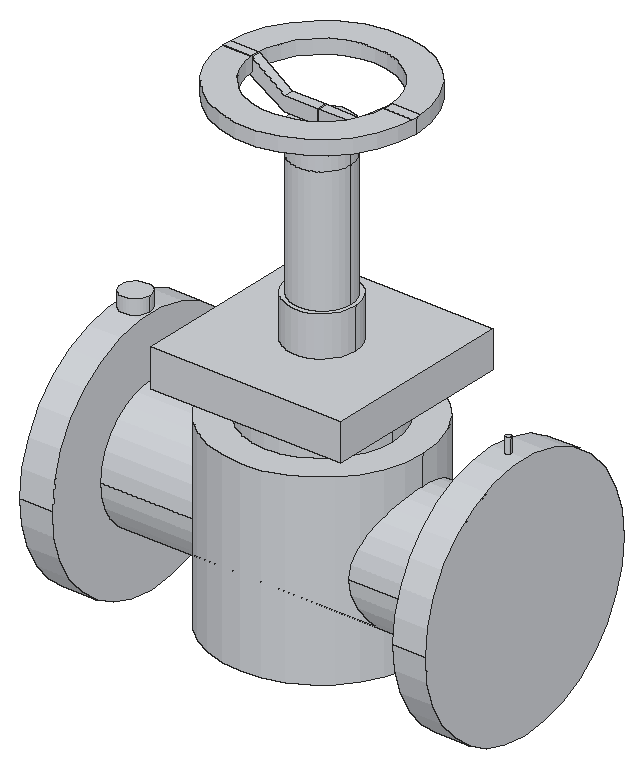
Revit family "Sigma_Compact_DN300-LF_PN16_RFA_2019", category Pipe Accessories, Revit 2019
Family settings
  Round Connector Dimension = Use Diameter
  Part Type = Valve - Breaks Into
  Work Plane-Based = No
  Always vertical = Yes
  Cut with Voids When Loaded = No
  Shared = No
Parameters (values of type "Sigma Compact DN 300 LF PN16")
  magiProductId = "f16ecb3a8ad443e99405ecd1e4779a"
  magiProductFamilyId = "111bdfd32e424cd9a1e5f1ca7ea2b6"
  magiPartTypeId = 304
  isMeasuringValve [instance] = no
  ang2D [instance] = 0.00°
  W2D = 50 mm
  VersionID = "2.0/2018.12.13.2/FRESE_SIGMA_C_BIG_Q13_001"
  Use Minimum Symbol Size [instance] = no
  URL = "www.hydronix.cz"
  Type Comments = "přírubový; PN16; max dp=800kPa; 0~+110°C; max uzavírací tlak 1MPa"
  R4 = 148.75 mm
  R3 = 135.2 mm
  R1 = 212.5 mm
  QmdConnectorList = "301;D;302;D"
  Productdata [instance] = ""
  Manufacturer = "Hydronix"
  Maintenance Zone Under Depth [instance] = 100 mm
  Maintenance Zone Right Depth [instance] = 100 mm
  Maintenance Zone Over Depth [instance] = 100 mm
  Maintenance Zone Left Depth [instance] = 100 mm
  Maintenance Zone Front Depth [instance] = 100 mm
  Maintenance Zone Back Depth [instance] = 100 mm
  Maintenance Zone Front Visibility [instance] = no
  MC Use Limits From Balancing Method = no
  MC Throttling Minimum Value = 0
  MC Throttling Maximum Value = 0
  MC Product Code = "53-2408 DN300; PN16; (190000-475000 l/h); kvs=803"
  MC Pressure Drop Minimum Value = 0.0 Pa
  MC Pressure Drop Maximum Value = 0.0 Pa
  MC Piping Given Pressure Drop [instance] = 0.0 Pa
  LF__ve = -LF  # -68 mm
  LF2 = 34 mm
  LF = 68 mm
  L432 = 69.912 mm
  L43 = 139.825 mm
  L42 = 199.75 mm
  L4 = 399.5 mm
  L3 = 714 mm
  L2D_Min = 30.48 mm
  L2D = 230 mm
  L2 = 425 mm
  HH12 = 29 mm
  HH1 = 58 mm
  HDF__ve = -HDF  # -424 mm
  HDF = 424 mm
  H6 = 85 mm
  H4 = 78 mm
  H3 = 65 mm
  H2 = 195 mm
  H11 = 390 mm
  H1 = 1082 mm
  H = 944 mm
  Description = "Automatický vyvažovací ventil"
  DF2 = 260 mm
  D = 300 mm
  Clearance Zone Height Depth [instance] = 100 mm
  Clearance Zone Circular Radius [instance] = 425 mm
  Clearance Zone Visibility [instance] = no
  CAT0 = yes
Types (9, lengths in mm): name | magiProductId | Type Comments | R4 | R3 | R1 | MC Product Code | LF__ve | LF2 | LF | L432 | L43 | L42 | L4 | L3 | L2 | HH12 | HH1 | HDF__ve | HDF | H4 | H3 | H2 | H11 | H1 | H | DF2 | D | Clearance Zone Circular Radius
  Sigma Compact DN 050 LF PN16 | "7ce002c265594233b83d195dc264f1" | "přírubový; PN16; max dp=800kPa; 0~+120°C; max uzavírací tlak 1MPa" | 40.25 | 42.9 | 57.5 | "53-2400 DN50; PN16; (2480-15000 l/h); kvs=34" | -18.4 | 9.2 | 18.4 | 18.917 | 37.835 | 54.05 | 108.1 | 193.2 | 115 | 16.5 | 33 | -202 | 202 | 24.75 | 20.625 | 61.875 | 123.75 | 480 | 367 | 82.5 | 50 | 115
  Sigma Compact DN 065 LF PN16 | "7b440009bc83499eb1c9a6fd3b4fee" | "přírubový; PN16; max dp=800kPa; 0~+120°C; max uzavírací tlak 1MPa" | 50.75 | 48.1 | 72.5 | "53-2401 DN65; PN16; (4380-25000 l/h); kvs=50" | -23.2 | 11.6 | 23.2 | 23.853 | 47.705 | 68.15 | 136.3 | 243.6 | 145 | 16.5 | 33 | -199 | 199 | 27.75 | 23.125 | 69.375 | 138.75 | 497 | 384 | 92.5 | 65 | 145
  Sigma Compact DN 080 LF PN16 | "c04670cd33374e61a046fccc79a79b" | "přírubový; PN16; max dp=800kPa; 0~+120°C; max uzavírací tlak 1MPa" | 54.25 | 52 | 77.5 | "53-2402 DN80; PN16; (5340-34000 l/h); kvs=68" | -24.8 | 12.4 | 24.8 | 25.497 | 50.995 | 72.85 | 145.7 | 260.4 | 155 | 16.5 | 33 | -213 | 213 | 30 | 25 | 75 | 150 | 526 | 413 | 100 | 80 | 155
  Sigma Compact DN 100 LF PN16 | "e9669c3b3cb042d39f52f9a3f8394b" | "přírubový; PN16; max dp=800kPa; 0~+120°C; max uzavírací tlak 1MPa" | 61.25 | 61.1 | 87.5 | "53-2403 DN100; PN16; (12100-68000 l/h); kvs=115" | -28 | 14 | 28 | 28.788 | 57.575 | 82.25 | 164.5 | 294 | 175 | 34 | 68 | -331 | 331 | 35.25 | 29.375 | 88.125 | 176.25 | 714 | 566 | 117.5 | 100 | 175
  Sigma Compact DN 125 LF PN16 | "72414964175c4f3999d5daaa67221e" | "přírubový; PN16; max dp=800kPa; 0~+120°C; max uzavírací tlak 1MPa" | 70 | 70.2 | 100 | "53-2404 DN125; PN16; (18500-110000 l/h); kvs=186" | -32 | 16 | 32 | 32.9 | 65.8 | 94 | 188 | 336 | 200 | 36.5 | 73 | -338 | 338 | 40.5 | 33.75 | 101.25 | 202.5 | 761 | 608 | 135 | 125 | 200
  Sigma Compact DN 150 LF PN16 | "cb5ac98de80a46389b4a96eb8539c2" | "přírubový; PN16; max dp=800kPa; 0~+110°C; max uzavírací tlak 1MPa" | 84 | 74.1 | 120 | "53-2405 DN150; PN16; (25600-148000 l/h); kvs=250" | -38.4 | 19.2 | 38.4 | 39.48 | 78.96 | 112.8 | 225.6 | 403.2 | 240 | 13 | 26 | -391 | 391 | 42.75 | 35.625 | 106.875 | 213.75 | 782 | 676 | 142.5 | 150 | 240
  Sigma Compact DN 200 LF PN16 | "bd9983fcf82240be8b5626661ef83b" | "přírubový; PN16; max dp=800kPa; 0~+110°C; max uzavírací tlak 1MPa" | 105 | 98.8 | 150 | "53-2406 DN200; PN16; (95000-210000 l/h); kvs=371" | -48 | 24 | 48 | 49.35 | 98.7 | 141 | 282 | 504 | 300 | 29.5 | 59 | -334 | 334 | 57 | 47.5 | 142.5 | 285 | 853 | 714 | 190 | 200 | 300
  Sigma Compact DN 250 LF PN16 | "6516628c9ce0481f89e5702e575104" | "přírubový; PN16; max dp=800kPa; 0~+110°C; max uzavírací tlak 1MPa" | 127.75 | 115.44 | 182.5 | "53-2407 DN250; PN16; (190000-475000 l/h); kvs=803" | -58.4 | 29.2 | 58.4 | 60.042 | 120.085 | 171.55 | 343.1 | 613.2 | 365 | 29 | 58 | -462 | 462 | 66.6 | 55.5 | 166.5 | 333 | 1044 | 906 | 222 | 250 | 365
  Sigma Compact DN 300 LF PN16 | "f16ecb3a8ad443e99405ecd1e4779a" | "přírubový; PN16; max dp=800kPa; 0~+110°C; max uzavírací tlak 1MPa" | 148.75 | 135.2 | 212.5 | "53-2408 DN300; PN16; (190000-475000 l/h); kvs=803" | -68 | 34 | 68 | 69.912 | 139.825 | 199.75 | 399.5 | 714 | 425 | 29 | 58 | -424 | 424 | 78 | 65 | 195 | 390 | 1082 | 944 | 260 | 300 | 425
Reference planes
  plane 1 "Center (Front/Back)": y = 0
  plane 2 "XYPLANE": z = 0
  plane 3 "Center (Left/Right)": x = 0
  plane 4 "298": y = -360
  plane 5 "297": y = 360
  plane 6 "296": y = -260
  plane 7 "295": y = 260
  plane 8 "294": z = -360
  plane 9 "293": z = 922
  plane 10 "292": x = -525
  plane 11 "291": x = 525
  plane 12 "290": z = 922
  plane 13 "256": y = -20
  plane 14 "254": z = 703
  plane 15 "253": z = 713
  plane 16 "252": x = -40
  plane 17 "251": x = -30
  plane 18 "250": x = 40
  plane 19 "249": x = 30
  plane 20 "247": z = 423
  plane 21 "244": z = 684
  plane 22 "243": x = 199.75
  plane 23 "242": x = 139.825
  plane 24 "241": x = 69.912
  plane 25 "240": y = -10
  plane 26 "238": x = -69.912
  plane 27 "237": x = -139.825
  plane 28 "236": z = 742
  plane 29 "235": z = 772
  plane 30 "234": x = -199.75
  plane 31 "225": z = 822
  plane 32 "224": z = -260
  plane 33 "157": x = 391
  plane 34 "156": x = -391
  plane 35 "155": z = 260
  plane 36 "154": z = 338
  plane 37 "153": z = 260
  plane 38 "152": z = 195
  plane 39 "151": x = -357
  plane 40 "150": z = -195
  plane 41 "149": x = 0
  plane 42 "148": y = 0
  plane 43 "147": z = 0
  plane 44 "146": x = -425
  plane 45 "145": x = 425
Forms (mm)
  Blend 1, solid, visible <- "Maintenance Zone Front Visibility"
    base sketch origin (-750, 0, 922) x (1, 0, 0) y (0, 1, 0)
      loop
        line (225, 360) -> (225, -360) -> (1275, -360) -> (1275, 360) -> (225, 360)
    top sketch origin (-750, 0, 922) x (1, 0, 0) y (0, 1, 0)
      loop
        line (225, 360) -> (225, -360) -> (1275, -360) -> (1275, 360) -> (225, 360)
    from 0 to -1282
  Blend 2, solid, visible <- "Clearance Zone Visibility"
    base sketch origin (-750, 0, 0) x (1, 0, 0) y (0, 1, 0)
      loop
        circle (750, 0) r 425
    top sketch origin (-750, 0, 0) x (1, 0, 0) y (0, 1, 0)
      loop
        circle (750, 0) r 425
    from 0 to 922
  Extrusion 3, solid
    sketch origin (-750, 0, 684) x (1, 0, 0) y (0, 1, 0)
      loop
        circle (750, 0) r 60.995
    from 0 to -424 <- "HDF__ve"
  Extrusion 4, solid
    sketch origin (-750, 0, 423) x (1, 0, 0) y (0, 1, 0)
      loop
        line (780, 20) -> (720, 20) -> (720, -20) -> (780, -20) -> (780, 20)
    from 0 to 25
  Extrusion 5, solid
    sketch origin (750, -20, 0) x (-1, 0, 0) y (0, 0, 1)
      loop
        line (790, 423) -> (790, 713) -> (710, 713) -> (710, 423) -> (720, 423) -> (720, 703) -> (780, 703) -> (780, 423) -> (790, 423)
    from 0 to 40
  Extrusion 6, solid
    sketch origin (-750, 0, 423) x (1, 0, 0) y (0, 1, 0)
      loop
        circle (750, 0) r 25
    from 0 to 30
  Extrusion 7, solid
    sketch origin (750, -10, 0) x (-1, 0, 0) y (0, 0, 1)
      loop
        line (889.825, 822) -> (819.912, 772) -> (750, 772) -> (750, 742) -> (819.912, 742) -> (949.75, 822) -> (889.825, 822)
    from 0 to 20
  Extrusion 8, solid
    sketch origin (750, -10, 0) x (-1, 0, 0) y (0, 0, 1)
      loop
        line (610.175, 822) -> (550.25, 822) -> (680.088, 742) -> (750, 742) -> (750, 772) -> (680.088, 772) -> (610.175, 822)
    from 0 to 20
  Extrusion 9, solid
    sketch origin (-750, 0, 684) x (1, 0, 0) y (0, 1, 0)
      loop
        circle (750, 0) r 60.995
    from 0 to 58 <- "HH1"
  Extrusion 10, solid
    sketch origin (-750, 0, 822) x (1, 0, 0) y (0, 1, 0)
      loop
        circle (750, 0) r 199.75
      loop
        circle (750, 0) r 139.825
    from 0 to -30
  Extrusion 11, solid, visible <- "CAT0"
    sketch origin (-750, 0, 260) x (1, 0, 0) y (0, 1, 0)
      loop
        circle (1141, 0) r 5.5
    from 0 to 30
  Extrusion 12, solid, visible <- "CAT0"
    sketch origin (-750, 0, 260) x (1, 0, 0) y (0, 1, 0)
      loop
        circle (359, 0) r 30.3
    from 0 to 30
  Extrusion 13, solid, visible <- "CAT0"
    sketch origin (-750, 0, 338) x (1, 0, 0) y (0, 1, 0)
      loop
        circle (750, 0) r 70.995
    from 0 to 85 <- "H6"
  Extrusion 14, solid, visible <- "CAT0"
    sketch origin (-750, 0, 260) x (1, 0, 0) y (0, 1, 0)
      loop
        line (949.75, 199.75) -> (550.25, 199.75) -> (550.25, -199.75) -> (949.75, -199.75) -> (949.75, 199.75)
    from 0 to 78 <- "H4"
  Extrusion 15, solid, visible <- "CAT0"
    sketch origin (-750, 0, 195) x (1, 0, 0) y (0, 1, 0)
      loop
        circle (750, 0) r 148.75
    from 0 to 65 <- "H3"
  Extrusion 16, solid, visible <- "CAT0"
    sketch origin (-357, -750, 0) x (0, 1, 0) y (0, 0, 1)
      loop
        circle (750, 0) r 135.2
    from 0 to 714 <- "L3"
  Extrusion 17, solid, visible <- "CAT0"
    sketch origin (-750, 0, -195) x (1, 0, 0) y (0, 1, 0)
      loop
        circle (750, 0) r 212.5
    from 0 to 390 <- "H11"
  Extrusion 18, solid, visible <- "CAT0"
    sketch origin (-425, -750, 0) x (0, 1, 0) y (0, 0, 1)
      loop
        circle (750, 0) r 260
    from 0 to 68 <- "LF"
  Extrusion 19, solid, visible <- "CAT0"
    sketch origin (425, -750, 0) x (0, 1, 0) y (0, 0, 1)
      loop
        circle (750, 0) r 260
    from 0 to -68 <- "LF__ve"
  Extrusion 20, solid, not visible
    sketch origin (-425, -750, 0) x (0, 1, 0) y (0, 0, 1)
      loop
        circle (750, 0) r 10
    from 0 to 10
  Extrusion 21, solid, not visible
    sketch origin (425, -750, 0) x (0, 1, 0) y (0, 0, 1)
      loop
        circle (750, 0) r 10
    from 0 to -10
Lines and regions (mm)
  reference lines, not visible
    curve 1: circle (2, 2, 0) r 1 normal (0, 0, 1)
  reference lines
    curve 2: circle (0, 0, 260) r 1 normal (0, 0, 1)
Dimensions and locks
  plane 1 "Center (Front/Back)" to curve 1 = 2 mm
  "Maintenance Zone Front Depth": plane 6 "296" to plane 4 "298"
  "Maintenance Zone Back Depth": plane 7 "295" to plane 5 "297"
  "DF2": plane 42 "148" to plane 6 "296"
  "DF2": plane 42 "148" to plane 7 "295"
  "Maintenance Zone Under Depth": plane 32 "224" to plane 8 "294"
  "Maintenance Zone Over Depth": plane 31 "225" to plane 9 "293"
  "Maintenance Zone Left Depth": plane 44 "146" to plane 10 "292"
  "Maintenance Zone Right Depth": plane 45 "145" to plane 11 "291"
  "Clearance Zone Height Depth": plane 31 "225" to plane 12 "290"
  locked: plane 25 "240" to plane 13 "256" at 10
  locked: plane 15 "253" to plane 14 "254" at 10
  "HH12": plane 21 "244" to plane 15 "253"
  locked: plane 17 "251" to plane 16 "252" at 10
  locked: plane 41 "149" to plane 17 "251" at 30
  locked: plane 19 "249" to plane 18 "250" at 10
  locked: plane 41 "149" to plane 19 "249" at 30
  "H6": plane 36 "154" to plane 20 "247"
  "H": plane 32 "224" to plane 21 "244"
  "L42": plane 41 "149" to plane 22 "243"
  "L43": plane 41 "149" to plane 23 "242"
  "L432": plane 41 "149" to plane 24 "241"
  locked: plane 42 "148" to plane 25 "240" at 10
  "L432": plane 41 "149" to plane 26 "238"
  "L43": plane 41 "149" to plane 27 "237"
  locked: plane 29 "235" to plane 28 "236" at 30
  locked: plane 31 "225" to plane 29 "235" at 50
  "L42": plane 41 "149" to plane 30 "234"
  "H1": plane 32 "224" to plane 31 "225"
  "DF2": plane 2 "XYPLANE" to plane 32 "224"
  "LF2": plane 45 "145" to plane 33 "157"
  "LF2": plane 44 "146" to plane 34 "156"
  "DF2": plane 2 "XYPLANE" to plane 35 "155"
  "H4": plane 37 "153" to plane 36 "154"
  "H3": plane 38 "152" to plane 37 "153"
  "H11": plane 40 "150" to plane 38 "152"
  "LF": plane 44 "146" to plane 39 "151"
  "H2": plane 2 "XYPLANE" to plane 40 "150"
  locked: plane 3 "Center (Left/Right)" to plane 41 "149"
  locked: plane 1 "Center (Front/Back)" to plane 42 "148"
  locked: plane 2 "XYPLANE" to plane 43 "147"
  "L2": plane 3 "Center (Left/Right)" to plane 44 "146"
  "L2": plane 3 "Center (Left/Right)" to plane 45 "145"
  Blend 1 sketch curve to Blend 1 sketch curve = 0 mm  (x16)
  Extrusion 4 sketch curve to Extrusion 4 sketch curve = 0 mm  (x8)
  Extrusion 5 sketch curve to Extrusion 5 sketch curve = 0 mm  (x16)
  Extrusion 7 sketch curve to Extrusion 7 sketch curve = 0 mm  (x12)
  Extrusion 8 sketch curve to Extrusion 8 sketch curve = 0 mm  (x12)
  equal spacing: Extrusion 14 sketch curve, curve 2, Extrusion 14 sketch curve  (x2)
  "L4": Extrusion 14 sketch curve to Extrusion 14 sketch curve  (x2)
  Extrusion 14 sketch curve to Extrusion 14 sketch curve = 0 mm  (x8)
  "Clearance Zone Circular Radius": radius of Blend 2 sketch curve  (x2)
  "L42": radius of Extrusion 10 sketch curve
  "L43": radius of Extrusion 10 sketch curve
  "R4": radius of Extrusion 15 sketch curve
  "R3": radius of Extrusion 16 sketch curve
  "R1": radius of Extrusion 17 sketch curve
  "DF2": radius of Extrusion 18 sketch curve
  "DF2": radius of Extrusion 19 sketch curve
  aligned and locked: level to plane 2 "XYPLANE"
  aligned and locked: Blend 1 sketch curve to plane 5 "297"  (x2)
  aligned and locked: plane 10 "292" to Blend 1 sketch curve  (x4)
  aligned and locked: plane 11 "291" to Blend 1 sketch curve  (x4)
  aligned and locked: plane 5 "297" to Blend 1 sketch curve  (x2)
  aligned and locked: plane 4 "298" to Blend 1 sketch curve  (x4)
  aligned and locked: Blend 1 to plane 8 "294"
  aligned and locked: plane 41 "149" to Blend 2 sketch curve  (x2)
  aligned and locked: plane 42 "148" to Blend 2 sketch curve  (x2)
  aligned and locked: plane 12 "290" to Blend 2
  aligned and locked: plane 41 "149" to Extrusion 3 sketch curve
  aligned and locked: plane 42 "148" to Extrusion 3 sketch curve
  aligned and locked: Extrusion 5 sketch curve to plane 16 "252"
  aligned and locked: plane 20 "247" to Extrusion 5 sketch curve  (x4)
  aligned and locked: plane 15 "253" to Extrusion 5 sketch curve  (x2)
  aligned and locked: plane 16 "252" to Extrusion 5 sketch curve
  aligned and locked: plane 18 "250" to Extrusion 5 sketch curve  (x2)
  aligned and locked: plane 19 "249" to Extrusion 5 sketch curve  (x2)
  aligned and locked: plane 14 "254" to Extrusion 5 sketch curve  (x2)
  aligned and locked: plane 17 "251" to Extrusion 5 sketch curve  (x2)
  aligned and locked: plane 41 "149" to Extrusion 6 sketch curve
  aligned and locked: plane 42 "148" to Extrusion 6 sketch curve
  aligned and locked: plane 27 "237" to Extrusion 7 sketch curve
  aligned and locked: plane 31 "225" to Extrusion 7 sketch curve  (x2)
  aligned and locked: plane 26 "238" to Extrusion 7 sketch curve  (x2)
  aligned and locked: plane 29 "235" to Extrusion 7 sketch curve  (x2)
  aligned and locked: plane 41 "149" to Extrusion 7 sketch curve  (x2)
  aligned and locked: plane 28 "236" to Extrusion 7 sketch curve  (x2)
  aligned and locked: plane 30 "234" to Extrusion 7 sketch curve
  aligned and locked: plane 23 "242" to Extrusion 8 sketch curve
  aligned and locked: plane 31 "225" to Extrusion 8 sketch curve  (x2)
  aligned and locked: plane 24 "241" to Extrusion 8 sketch curve  (x2)
  aligned and locked: plane 29 "235" to Extrusion 8 sketch curve  (x2)
  aligned and locked: plane 41 "149" to Extrusion 8 sketch curve  (x2)
  aligned and locked: plane 28 "236" to Extrusion 8 sketch curve  (x2)
  aligned and locked: plane 22 "243" to Extrusion 8 sketch curve
  aligned and locked: plane 41 "149" to Extrusion 9 sketch curve
  aligned and locked: plane 42 "148" to Extrusion 9 sketch curve
  aligned and locked: plane 41 "149" to Extrusion 10 sketch curve  (x2)
  aligned and locked: plane 42 "148" to Extrusion 10 sketch curve  (x2)
  aligned and locked: plane 33 "157" to Extrusion 11 sketch curve
  aligned and locked: plane 42 "148" to Extrusion 11 sketch curve
  aligned and locked: plane 34 "156" to Extrusion 12 sketch curve
  aligned and locked: plane 42 "148" to Extrusion 12 sketch curve
  aligned and locked: plane 41 "149" to Extrusion 13 sketch curve
  aligned and locked: plane 42 "148" to Extrusion 13 sketch curve
  aligned and locked: plane 41 "149" to curve 2
  aligned and locked: plane 42 "148" to curve 2
  aligned and locked: plane 41 "149" to Extrusion 15 sketch curve
  aligned and locked: plane 42 "148" to Extrusion 15 sketch curve
  aligned and locked: Extrusion 16 sketch curve to plane 42 "148"
  aligned and locked: plane 43 "147" to Extrusion 16 sketch curve
  aligned and locked: plane 41 "149" to Extrusion 17 sketch curve
  aligned and locked: plane 42 "148" to Extrusion 17 sketch curve
  aligned and locked: Extrusion 18 sketch curve to plane 42 "148"
  aligned and locked: plane 43 "147" to Extrusion 18 sketch curve
  aligned and locked: Extrusion 19 sketch curve to plane 42 "148"
  aligned and locked: plane 43 "147" to Extrusion 19 sketch curve
  aligned and locked: Extrusion 20 sketch curve to plane 42 "148"
  aligned and locked: plane 43 "147" to Extrusion 20 sketch curve
  aligned and locked: Extrusion 21 sketch curve to plane 42 "148"
  aligned and locked: plane 43 "147" to Extrusion 21 sketch curve
Automatic sketch dimensions
  plane 26 "238" to Extrusion 3 sketch curve = 8.917 mm
  Extrusion 4 sketch curve to plane 17 "251" = 0 mm
  Extrusion 4 sketch curve to plane 13 "256" = 0 mm
  Extrusion 4 sketch curve to plane 19 "249" = 0 mm
  Extrusion 4 sketch curve to plane 1 "Center (Front/Back)" = 20 mm
  plane 17 "251" to Extrusion 6 sketch curve = 5 mm
  plane 26 "238" to Extrusion 9 sketch curve = 8.917 mm
  Extrusion 11 sketch curve to plane 33 "157" = 5.5 mm
  plane 44 "146" to Extrusion 12 sketch curve = 3.7 mm
  Extrusion 13 sketch curve to plane 26 "238" = 1.083 mm
  Extrusion 20 sketch curve to plane 25 "240" = 0 mm
  Extrusion 21 sketch curve to plane 25 "240" = 0 mm
  plane 3 "Center (Left/Right)" to curve 1 = 2 mm
  Extrusion 14 sketch curve to plane 30 "234" = 0 mm
  plane 6 "296" to Extrusion 14 sketch curve = 60.25 mm
  radius of curve 2 = 1 mm
  radius of curve 1 = 1 mm
Connectors
  piping at (-425, 0, 0), diameter 300, driven by "D"
    settings: on Extrusion 20, index 1, connector inside diameter 609.6 mm, connector length 0 mm, flow factor 0, pipe flow 0.0 L/s, pressure drop 0.0 Pa, fitting loss kfactor 0, connector angle 0.00°, fixture units 0, engagement length 0 mm, angle of deflection 0.00°, flow configuration 0, flow direction 0, fitting loss method 0, system type 29, joint type 0, gender type 0, connector reference index 2, connector utility 0, adjustable connector no, is connector primary yes, connector description ""
  piping at (425, 0, 0), diameter 300, driven by "D"
    settings: on Extrusion 21, index 2, connector inside diameter 609.6 mm, connector length 0 mm, flow factor 0, pipe flow 0.0 L/s, pressure drop 0.0 Pa, fitting loss kfactor 0, connector angle 0.00°, fixture units 0, engagement length 0 mm, angle of deflection 0.00°, flow configuration 0, flow direction 0, fitting loss method 0, system type 29, joint type 0, gender type 0, connector reference index 1, connector utility 0, adjustable connector no, is connector primary no, connector description ""
